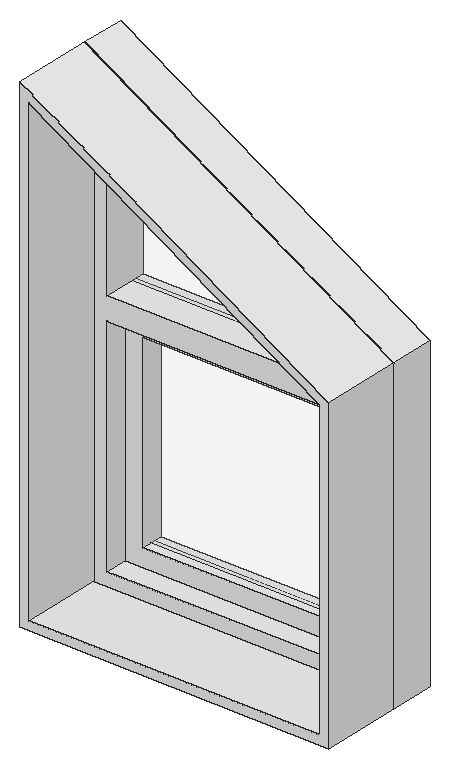
Revit family "Double Angled", category Windows, host Wall, Revit 2015
Parameters (values of type "7x11M")
  WindowBasalOpening = ""
  Wall Thickness [instance] = 300 mm
  URL = ""
  Total Glass Area = (Rough Height - Frame Width * 2) * (Rough Width - Frame Width * 2)  # 0.5841 m²
  Offset [instance] = 20 mm
  Module Width = Rough Width / 100 mm  # 7
  Module Height = Rough Height / 100 mm  # 11
  Material Jamb = none
  Jamb Width = 20 mm
  Jamb [instance] = yes
  Height Top = tan(Angle) * (Rough Width)  # 398.372 mm
  Height Bottom = 600 mm
  Gap [instance] = 10 mm
  Rough Width = 690 mm
  Rough Height = 1090 mm
  Model = ""
  Material Glass = none
  Material Frame = none
  Frame Width = 50 mm
  Height [instance] = Rough Height + Gap * 2  # 1110 mm
  Frame Depth = 100 mm
  Field 1 [instance] = Opening : Opening
  Default Sill Height = 900 mm
  Wall Closure = By host
  Width [instance] = Rough Width + Gap * 2  # 710 mm
  Assembly Code = ""
  Angle = 30.00°
  Analytic Construction = "<None>"
Reference planes
  plane 1 "Center (Front/Back)": y = -20
  plane 2 "Center (Left/Right)": x = -42.398
  plane 3 "Left": x = -397.398
  plane 4 "Right": x = 312.602
  plane 5 "Sill": z = 900
  plane 6 "Head": z = 2010
  plane 7 "Exterior": y = 130
  plane 8 "Interior": y = -170
  plane 9: x = -387.398
  plane 10: x = 302.602
  plane 11: z = 910
  plane 12: z = 2000
  plane 13 "Offset": y = 110
  plane 14 "Offset Jamb": y = 10
  plane 15: x = 252.602
  plane 16: x = -337.398
  plane 17: z = 1950
  plane 18: z = 960
  plane 19: x = -397.398
  plane 20: x = 312.602
  plane 21: z = 900
  plane 22: z = 2010
  plane 23: z = 1510
  plane 24: z = 1460
  plane 25: z = 1601.628
Forms (mm)
  Extrusion 1, solid, material <- "Material Frame"
    sketch origin (0, 110, 0) x (-1, 0, 0) y (0, 0, 1)
      loop
        line (-302.602, 910) -> (387.398, 910) -> (387.398, 2000) -> (-302.602, 1601.628) -> (-302.602, 910)
      loop
        line (-252.602, 960) -> (337.398, 960) -> (337.398, 1460) -> (-252.602, 1460) -> (-252.602, 960)
      loop
        line (337.398, 1913.397) -> (-252.602, 1572.761) -> (-252.602, 1510) -> (337.398, 1510) -> (337.398, 1913.397)
    from 0 to -100
  Extrusion 2, solid, material <- "Material Jamb", visible <- "Jamb", detail levels medium+fine
    sketch origin (0, 10, 0) x (-1, 0, 0) y (0, 0, 1)
      loop
        line (-302.602, 1601.628) -> (-302.602, 910) -> (387.398, 910) -> (387.398, 2000) -> (-302.602, 1601.628)
      loop
        line (367.398, 930) -> (367.398, 1965.359) -> (-282.602, 1590.081) -> (-282.602, 930) -> (367.398, 930)
    from 0 to -180
  Extrusion 3, solid, material <- "Material Glass"
    sketch origin (0, 110, 0) x (-1, 0, 0) y (0, 0, 1)
      loop
        line (-252.602, 1510) -> (337.398, 1510) -> (337.398, 1913.397) -> (-252.602, 1572.761) -> (-252.602, 1510)
    from -20 to -30
Lines and regions (mm)
  Opening 1
    outline origin (3500, -170, 0) x (1, 0, 0) y (0, 0, 1)
      loop
        line (-3187.398, 900) -> (-3187.398, 1607.402) -> (-3897.398, 2017.321) -> (-3897.398, 900) -> (-3187.398, 900)
  symbolic lines, style "WindowsGlassProjection", detail levels fine
    curve 1: line (-42.398, 80, 1913.397) -> (-42.398, 80, 1510)
    curve 2: line (-42.398, 90, 1510) -> (-42.398, 90, 1913.397)
  symbolic lines, style "WindowsGlassProjection", detail levels coarse+medium
    curve 3: line (-42.398, 85, 1913.397) -> (-42.398, 85, 1510)
Text (mm)
  text "EXTERIOR" at (-1981.535, 863.181, 0), in view "Ref. Level"
  text "INTERIOR" at (-2017.992, -707.606, 0), in view "Ref. Level"
  text "Exterior" at (0, 923.751, 2943.296), in view "Right"
  text "Exterior" at (0, 1019.841, 2788.626), in view "Left"
Dimensions and locks
  equal spacing: plane 3 "Left", plane 2 "Center (Left/Right)", plane 4 "Right"
  "Rough Width": plane 9 to plane 10
  "Rough Height": plane 11 to plane 12
  "Default Sill Height": plane 21 to level
  locked: plane 7 "Exterior" to host wall
  locked: plane 8 "Interior" to host wall
  "Gap": plane 12 to plane 6 "Head"
  "Gap": plane 5 "Sill" to plane 11
  "Gap": plane 10 to plane 4 "Right"
  "Gap": plane 9 to plane 3 "Left"
  "Offset": plane 13 "Offset" to plane 7 "Exterior"
  "Frame Depth": plane 13 "Offset" to plane 14 "Offset Jamb"
  equal spacing: plane 8 "Interior", plane 1 "Center (Front/Back)", plane 7 "Exterior"
  "Frame Width": plane 17 to plane 12
  "Frame Width": plane 16 to plane 9
  "Frame Width": plane 11 to plane 18
  "Frame Width": plane 10 to plane 15
  "Jamb Width": Extrusion 2 sketch curve to Extrusion 2 sketch curve  (x3)
  "Wall Thickness": host wall to host wall
  "Height Bottom": plane 11 to plane 23
  "Frame Width": plane 24 to plane 23
  "Height Top": plane 25 to plane 12
  "Frame Width": Extrusion 1 sketch curve to Extrusion 1 sketch curve
  "Jamb Width": Extrusion 1 to Extrusion 2 sketch curve
  "Gap": Opening 1 sketch curve to Extrusion 1
  equal spacing: Extrusion 3, curve 3, Extrusion 3
  aligned and locked: plane 10 to Extrusion 1
  aligned and locked: Extrusion 1 to plane 9
  aligned and locked: Extrusion 1 to plane 11
  aligned and locked: Extrusion 1 to plane 14 "Offset Jamb"
  aligned and locked: plane 8 "Interior" to Extrusion 2
  aligned and locked: Extrusion 1 sketch curve to plane 15
  aligned and locked: Extrusion 1 sketch curve to plane 16  (x2)
  aligned and locked: Extrusion 2 sketch curve to plane 9
  aligned and locked: Extrusion 2 sketch curve to plane 10
  aligned and locked: Extrusion 2 sketch curve to plane 11
  aligned and locked: plane 19 to plane 3 "Left"
  aligned and locked: plane 20 to plane 4 "Right"
  aligned and locked: plane 21 to plane 5 "Sill"
  aligned and locked: plane 22 to plane 6 "Head"
  aligned and locked: Extrusion 1 sketch curve to plane 18
  aligned and locked: nested 1 to plane 15
  aligned and locked: plane 18 to nested 1
  aligned and locked: Extrusion 1 sketch curve to plane 24
  aligned and locked: Extrusion 1 sketch curve to plane 23
  aligned and locked: nested 1 to plane 24
  aligned and locked: plane 16 to nested 1
  aligned and locked: Extrusion 2 sketch curve to Extrusion 1
  aligned and locked: Extrusion 3 sketch curve to plane 23
  aligned and locked: Extrusion 3 sketch curve to plane 15
  aligned and locked: plane 16 to Extrusion 3 sketch curve
  aligned and locked: Extrusion 3 sketch curve to Extrusion 1
  aligned and locked: Extrusion 3 to curve 1
  aligned and locked: curve 2 to Extrusion 3
Automatic sketch dimensions
  Opening 1 sketch curve to plane 3 "Left" = 0 mm
  Opening 1 sketch curve to plane 5 "Sill" = 0 mm
  Extrusion 1 sketch curve to plane 10 = 0 mm
  Extrusion 1 sketch curve to plane 15 = 0 mm
  Extrusion 1 sketch curve to plane 9 = 0 mm
  Extrusion 1 sketch curve to plane 11 = 0 mm
  Extrusion 1 sketch curve to plane 12 = 0 mm
  Extrusion 1 sketch curve to plane 25 = 0 mm
  plane 4 "Right" to Opening 1 sketch curve = 0 mm
  curve 3 to plane 23 = 0 mm
  curve 1 to plane 23 = 0 mm
  curve 2 to plane 23 = 0 mm
  curve 3 to plane 17 = 36.603 mm
  curve 3 to curve 2 = 0 mm
  curve 1 to curve 3 = 0 mm
Nested families
  nested 1: "Opening" at (-42.398, -20, 160), type <- "Field 1", Offset <- "Offset", Material Glass <- "Material Glass", Material Frame <- "Material Frame", type "Opening"
    with Width 590 mm, Offset 20 mm, Material Glass none, Material Frame none, Height 500 mm
Definition of nested family "Opening"
  Parameters (values of type "Opening")
    Offset [instance] = 20 mm
    Material Glass [instance] = none
    Material Frame [instance] = none
    Height [instance] = 1500 mm
    Default Sill Height = 800 mm
    Wall Closure = (empty or 0)
    Width [instance] = 1000 mm
    Analytic Construction = "<None>"
  Reference planes
    plane 1 "Center (Front/Back)": y = 0
    plane 2 "Center (Left/Right)": x = 0
    plane 3 "Left": x = -500
    plane 4 "Right": x = 500
    plane 5 "Sill": z = 800
    plane 6 "Head": z = 2300
    plane 7 "Exterior": y = 100
    plane 8 "Interior": y = -100
    plane 9 "Offset": y = 80
    plane 10: z = 1550
  Forms (mm)
    Extrusion 1, solid, material <- "Material Frame"
      sketch origin (0, 80, 0) x (-1, 0, 0) y (0, 0, 1)
        loop
          line (-500, 2300) -> (-500, 800) -> (500, 800) -> (500, 2300) -> (-500, 2300)
        loop
          line (-460, 2260) -> (-460, 840) -> (460, 840) -> (460, 2260) -> (-460, 2260)
      from 0 to -50
    Extrusion 2, solid, material <- "Material Glass"
      sketch origin (0, 80, 0) x (-1, 0, 0) y (0, 0, 1)
        loop
          line (-460, 2260) -> (-460, 840) -> (460, 840) -> (460, 2260) -> (-460, 2260)
      from -20 to -30
  Lines and regions (mm)
    symbolic lines
      curve 1: line (500, 100, 2300) -> (-500, 100, 1550)
      curve 2: line (-500, 100, 1550) -> (500, 100, 800)
      curve 9: line (-500, 80, 0) -> (500, 80, 0)
      curve 10: line (-500, 30, 0) -> (-500, 80, 0)
      curve 11: line (500, 30, 0) -> (-500, 30, 0)
      curve 12: line (-460, 80, 0) -> (-460, 30, 0)
      curve 13: line (460, 30, 0) -> (460, 80, 0)
      curve 14: line (500, 80, 0) -> (500, 30, 0)
    symbolic lines, detail levels fine
      curve 3: line (-460, 50, 0) -> (460, 50, 0)
      curve 4: line (460, 60, 0) -> (-460, 60, 0)
      curve 6: line (500, 50, 840) -> (500, 50, 2260)
      curve 7: line (500, 60, 2260) -> (500, 60, 840)
    symbolic lines, detail levels coarse+medium
      curve 5: line (-460, 55, 0) -> (460, 55, 0)
      curve 8: line (500, 55, 2260) -> (500, 55, 840)
  Text (mm)
    text "EXTERIOR" at (-1963.203, 1332.353, 0), in view "Ref. Level"
    text "INTERIOR" at (-1981.466, -818.386, 0), in view "Ref. Level"
    text "Exterior" at (0, 923.751, 2943.296), in view "Right"
    text "Exterior" at (0, 1040.484, 2685.409), in view "Left"
  Dimensions and locks
    equal spacing: plane 3 "Left", plane 2 "Center (Left/Right)", plane 4 "Right"
    "Width": plane 3 "Left" to plane 4 "Right"
    "Height": plane 5 "Sill" to plane 6 "Head"
    "Default Sill Height": plane 5 "Sill" to level
    locked: plane 7 "Exterior" to host wall at 0
    locked: plane 8 "Interior" to host wall
    "Offset": plane 9 "Offset" to plane 7 "Exterior"
    equal spacing: plane 5 "Sill", plane 10, plane 6 "Head"
    equal spacing: Extrusion 2, curve 5, Extrusion 2
    equal spacing: Extrusion 2, curve 8, Extrusion 2
    aligned and locked: Extrusion 2 sketch curve to Extrusion 1  (x4)
    aligned and locked: curve 3 to Extrusion 2
    aligned and locked: curve 4 to Extrusion 2
    aligned and locked: curve 6 to Extrusion 2
    aligned and locked: curve 7 to Extrusion 2
    aligned and locked: curve 12 to Extrusion 1
    aligned and locked: curve 9 to plane 9 "Offset"
    aligned and locked: curve 10 to plane 3 "Left"
    aligned and locked: curve 11 to Extrusion 1
    aligned and locked: curve 13 to Extrusion 1
    aligned and locked: curve 14 to Extrusion 1
  Automatic sketch dimensions
    plane 4 "Right" to Extrusion 1 sketch curve = 0 mm
    plane 3 "Left" to Extrusion 1 sketch curve = 0 mm
    Extrusion 1 sketch curve to plane 5 "Sill" = 0 mm
    Extrusion 1 sketch curve to plane 6 "Head" = 0 mm
    plane 4 "Right" to Extrusion 1 sketch curve = 40 mm
    Extrusion 1 sketch curve to plane 3 "Left" = 40 mm
    Extrusion 1 sketch curve to plane 5 "Sill" = 40 mm
    plane 6 "Head" to Extrusion 1 sketch curve = 40 mm
    plane 3 "Left" to curve 2 = 0 mm
    plane 4 "Right" to curve 2 = 0 mm
    plane 4 "Right" to curve 1 = 0 mm
    curve 2 to plane 5 "Sill" = 0 mm
    curve 2 to plane 10 = 0 mm
    curve 1 to plane 6 "Head" = 0 mm
    curve 8 to plane 5 "Sill" = 40 mm
    curve 7 to curve 8 = 0 mm  (x2)
    curve 8 to curve 6 = 0 mm  (x2)
    plane 6 "Head" to curve 8 = 40 mm
    curve 13 to plane 9 "Offset" = 0 mm
